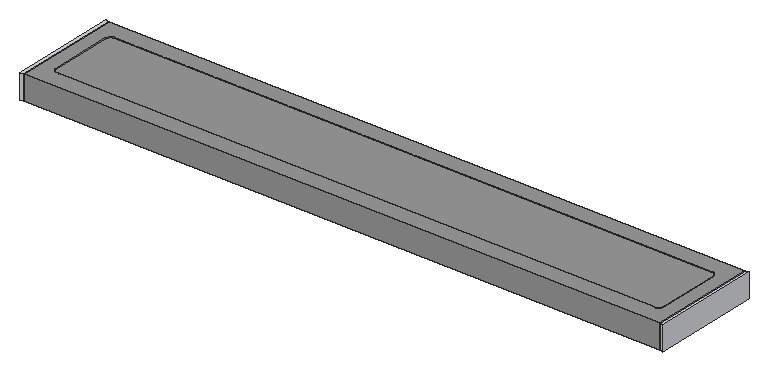
Revit family "0044073 Sylvania Lighting Fixture OPTIX S 1200 MPO DI HO 4000K DA WHITE", category Lighting Fixtures, host Face, Revit 2016
Family settings
  Host = Face
  Part Type = Normal
  Round Connector Dimension = Use Diameter
  OmniClass Number = 23.80.70.00
  OmniClass Title = Lighting
  Cut with Voids When Loaded = No
  Light Source = Yes
  Shared = No
  Room Calculation Point = No
Parameters (values of type "0044073 OPTIX S 1200 MPO D/I HO 4K DA WHITE")
  spacer height = 5 mm
  spacer centres = 1000 mm
  lens width = 1135 mm
  full length = 1200 mm
  Width = 200 mm
  Weight = "n/a"
  Wattage Comments = ""
  Wattage = 9.2903 W
  WarrantyStartDate [instance] = "n/a"
  WarrantyGuarantorParts = "n/a"
  WarrantyDurationUnit = "n/a"
  WarrantyDurationParts = ""
  WarrantyDescription = "http://www.sylvania-lighting.com"
  built-in parameter 1150110 = 1 (stored number, unit not read)
  Voltage = 0 V
  URL = "0.98"
  TypeName = "OPTIX S 1200 MPO D/I HO 4000K DA WHITE"
  Type Image = <None>
  Type Comments = "n/a"
  built-in parameter 1114217 = 1 (stored number, unit not read)
  Tilt Angle = 90.00°
  built-in parameter 1150109 = 1 (stored number, unit not read)
  built-in parameter 1150134 = 3
  built-in parameter 1150113 = 1 (stored number, unit not read)
  SerialNumber [instance] = "n/a"
  Photometric Web File = "0044073.ies"
  Material_3_FEILO = none
  PowerFactor = 0
  PowerConsumption = "Lighting"
  NominalLength = 200 mm
  NominalHeight = 0 mm
  NominalDepth = 0 mm
  Name = "OPTIX S 1200 MPO D/I HO 4000K DA WHITE"
  ModelReference = Name  # "OPTIX S 1200 MPO D/I HO 4000K DA WHITE"
  ModelNumber = "0044073"
  Model = Name  # "OPTIX S 1200 MPO D/I HO 4000K DA WHITE"
  Material = "Feilo Sylvania"
  ManufacturerName = "128 lm/W"
  Manufacturer = ""
  LuminousEfficacy = ""
  built-in parameter 1150105 = 109.82 (stored number, unit not read)
  Lumens = 1380 lm
  LuminaireType = "0"
  built-in parameter 1150115 = 1 (stored number, unit not read)
  LightOutputRatio = "LED"
  built-in parameter 1150137 = (empty or 0)
  built-in parameter 1150139 = (empty or 0)
  Lens Width = 135 mm
  Length = 1188 mm
  LampsType = Lamp  # "n/a"
  LampNominalLuminous = "4000 K"
  LampMacAdamStep = "80"
  LampColourTemperature = "LED"
  LampColourRenderingIndex = "16500"
  built-in parameter 1150112 = 1 (stored number, unit not read)
  built-in parameter 1150114 = 1 (stored number, unit not read)
  Lamp = "n/a"
  Keynote = "n/a"
  InstallationDate [instance] = "n/a"
  InputVoltage = "0"
  InputNominalFrequency = "4000"
  built-in parameter 1150132 = (empty or 0)
  built-in parameter 1150102 = (empty or 0)
  built-in parameter 1150107 = 3200 (stored number, unit not read)
  built-in parameter 1150138 = (empty or 0)
  IngressProtection = "IfcLightFixtureType"
  ImpactProtectionIndex = "IfcLightFixtureType"
  built-in parameter 1150106 = 1.0982 (stored number, unit not read)
  IfcExportType = "IfcLightFixtureType"
  IfcExportAs = "Class I"
  Height = 50 mm
  ExpectedLife = 50000
  Emit from Circle Diameter = 609.6 mm
  Emit Shape Visible in Rendering = no
  ElectricShockClassification = "128"
  built-in parameter 1150104 = 13.8 (stored number, unit not read)
  DurationUnit = "hours"
  DocumentationLiterature = "http://www.sylvania-lighting.com/product/en-int/products/0044073"
  DimmingControlOptions = "n/a"
  Material_2_FEILO = none
  Dimming Lamp Color Temperature Shift = <None>
  Description = "OPTIX S 1200 MPO D/I HO 4K DA WHITE is a high efficacy low glare surface or suspended LED Linear luminaire with Micro Prismatic Optic, with direct/indirect light distribution, luminaire dimensions: 1200x200x50mm, Sylvania White body colour (RAL9016), IP20, IK07, DALI Dimmable, low LED flicker (+/-5%), Neutral White (4000K) LED Colour Temperature, 5770lm luminous flux, 45W power consumption, 128lm/W system efficacy, CRI>80, SDCM 3 (3-step MacAdam ellipse) LED Colour Consistency, UGR<18, Luminance at 65° < 3000 cd/m2, lumen maintenance: L90B50 at 60000h, photobiological safety risk group 1. Electrical protection Class I."
  Default Elevation = 1219.2 mm
  CreatedOn = "20/10/2020"
  CreatedBy = "@sylvania-lighting.com"
  Cost = 0
  Color Filter = 16777215
  built-in parameter 1114216 [instance] = (empty or 0)
  ClassificationValue = "EF_70_80"
  ClassificationName = "Uniclass2015"
  Material_1_FEILO = none
  BarCode [instance] = "n/a"
  built-in parameter 1114218 = 1 (stored number, unit not read)
  built-in parameter 1150133 = 10 (stored number, unit not read)
  AssetType = "Fixed"
  AssetIdentifier [instance] = "n/a"
  Assembly Code = "D5020200"
  Apparent Load = 45 VA
  Material_4_FEILO = none
Reference planes
  plane 1 "Center (Front/Back)": y = 0
  plane 2: z = 0
  plane 3 "Center (Left/Right)": x = 0
  plane 4: z = 0
  plane 5: z = 50
  plane 6: y = 100
  plane 7: y = -100
  plane 8: x = -594
  plane 9: x = 594
  plane 10: z = 5
  plane 11: x = -500
  plane 12: x = 500
  plane 13: y = 10
  plane 14: y = -10
  plane 15: x = 487.5
  plane 16: x = 512.5
  plane 17: x = -512.5
  plane 18: x = -487.5
  plane 19: x = -567.5
  plane 20: x = 567.5
  plane 21: y = 67.5
  plane 22: y = -67.5
  plane 23: x = -557.5
  plane 24: y = 57.5
  plane 25: y = -57.5
  plane 26: x = 557.5
  plane 27: x = -600
  plane 28: x = 600
Forms (mm)
  Extrusion 1, solid, material "Aluminum 1100-H18", detail levels medium+fine
    sketch origin (4.2, 0, 0) x (1, 0, 0) y (0, 1, 0)
      loop
        line (-598.2, 100) -> (-598.2, -100) -> (589.8, -100) -> (589.8, 100) -> (-598.2, 100)
    from 5 to 50
  Extrusion 2, solid
    sketch origin (4.2, 0, 0) x (1, 0, 0) y (0, 1, 0)
      loop
        line (483.3, 10) -> (483.3, -10) -> (508.3, -10) -> (508.3, 10) -> (483.3, 10)
    from 0 to 5
  Extrusion 3, solid
    sketch origin (4.2, 0, 0) x (1, 0, 0) y (0, 1, 0)
      loop
        line (-516.7, 10) -> (-516.7, -10) -> (-491.7, -10) -> (-491.7, 10) -> (-516.7, 10)
    from 0 to 5
  Extrusion 4, void, detail levels fine
    sketch origin (4.2, 0, 0) x (0, 1, 0) y (1, 0, 0)
      loop
        line (67.5, -561.7) -> (67.5, 553.3)
        arc (67.5, 553.3) -> (64.571, 560.371) -> (57.5, 563.3) r 10
        line (57.5, 563.3) -> (-57.5, 563.3)
        arc (-57.5, 563.3) -> (-64.571, 560.371) -> (-67.5, 553.3) r 10
        line (-67.5, 553.3) -> (-67.5, -561.7)
        arc (-67.5, -561.7) -> (-64.571, -568.771) -> (-57.5, -571.7) r 10
        line (-57.5, -571.7) -> (57.5, -571.7)
        arc (57.5, -571.7) -> (64.571, -568.771) -> (67.5, -561.7) r 10
    from -50 to -48
  Extrusion 5, solid, detail levels medium+fine
    sketch origin (4.2, 0, 0) x (1, 0, 0) y (0, 1, 0)
      loop
        line (-604.2, 100) -> (-604.2, -100) -> (-598.2, -100) -> (-598.2, 100) -> (-604.2, 100)
    from 5 to 50
  Extrusion 6, solid, detail levels medium+fine
    sketch origin (4.2, 0, 0) x (1, 0, 0) y (0, 1, 0)
      loop
        line (589.8, 100) -> (589.8, -100) -> (595.8, -100) -> (595.8, 100) -> (589.8, 100)
    from 5 to 50
  Extrusion 7, solid, material "Glass, White, High Luminance", detail levels fine
    sketch origin (4.2, 0, 0) x (1, 0, 0) y (0, 1, 0)
      loop
        arc (-561.7, 67.5) -> (-568.771, 64.571) -> (-571.7, 57.5) r 10
        line (-571.7, 57.5) -> (-571.7, -57.5)
        arc (-571.7, -57.5) -> (-568.771, -64.571) -> (-561.7, -67.5) r 10
        line (-561.7, -67.5) -> (553.3, -67.5)
        arc (553.3, -67.5) -> (560.371, -64.571) -> (563.3, -57.5) r 10
        line (563.3, -57.5) -> (563.3, 57.5)
        arc (563.3, 57.5) -> (560.371, 64.571) -> (553.3, 67.5) r 10
        line (553.3, 67.5) -> (-561.7, 67.5)
    from 48 to 49.5
  Extrusion 8, solid, detail levels coarse
    sketch origin (4.2, 0, 0) x (1, 0, 0) y (0, 1, 0)
      loop
        line (-604.2, 100) -> (-604.2, -100) -> (595.8, -100) -> (595.8, 100) -> (-604.2, 100)
    from 0 to 50
Cuts and joins
  Extrusion 4 cuts Extrusion 2
  Extrusion 4 cuts Extrusion 3
  Extrusion 4 cuts Extrusion 1
Dimensions and locks
  "Width": plane 6 to plane 7
  equal spacing: plane 6, plane 1 "Center (Front/Back)", plane 7
  "Length": plane 8 to plane 9
  equal spacing: plane 8, plane 3 "Center (Left/Right)", plane 9
  "spacer height": plane 10 to host face
  "Height": plane 5 to level
  "spacer centres": plane 11 to plane 12
  equal spacing: plane 11, plane 3 "Center (Left/Right)", plane 12
  "lens width": plane 19 to plane 20
  equal spacing: plane 19, plane 3 "Center (Left/Right)", plane 20
  "Lens Width": plane 21 to plane 22
  equal spacing: plane 21, plane 1 "Center (Front/Back)", plane 22
  "full length": plane 27 to plane 28
  equal spacing: plane 27, plane 3 "Center (Left/Right)", plane 28
  aligned and locked: plane 2 to host face
  aligned and locked: level to host face
Automatic sketch dimensions
  host sketch curve to host sketch curve = 2438.4 mm  (x2)
  Extrusion 1 sketch curve to plane 7 = 0 mm
  Extrusion 1 sketch curve to plane 8 = 0 mm
  Extrusion 1 sketch curve to plane 9 = 0 mm
  Extrusion 1 sketch curve to plane 6 = 0 mm
  Extrusion 2 sketch curve to plane 14 = 0 mm
  Extrusion 2 sketch curve to plane 15 = 0 mm
  Extrusion 2 sketch curve to plane 16 = 0 mm
  Extrusion 2 sketch curve to plane 13 = 0 mm
  Extrusion 3 sketch curve to plane 14 = 0 mm
  Extrusion 3 sketch curve to plane 17 = 0 mm
  Extrusion 3 sketch curve to plane 18 = 0 mm
  Extrusion 3 sketch curve to plane 13 = 0 mm
  Extrusion 4 sketch curve to plane 22 = 0 mm
  Extrusion 4 sketch curve to plane 19 = 0 mm
  Extrusion 4 sketch curve to plane 25 = 0 mm  (x2)
  Extrusion 4 sketch curve to plane 20 = 0 mm
  Extrusion 4 sketch curve to plane 24 = 0 mm  (x2)
  Extrusion 4 sketch curve to plane 23 = 0 mm
  Extrusion 5 sketch curve to plane 7 = 0 mm
  Extrusion 5 sketch curve to plane 27 = 0 mm
  Extrusion 5 sketch curve to plane 8 = 0 mm
  Extrusion 5 sketch curve to plane 6 = 0 mm
  Extrusion 6 sketch curve to plane 7 = 0 mm
  Extrusion 6 sketch curve to plane 9 = 0 mm
  Extrusion 6 sketch curve to plane 28 = 0 mm
  Extrusion 6 sketch curve to plane 6 = 0 mm
  Extrusion 7 sketch curve to plane 23 = 0 mm  (x2)
  Extrusion 7 sketch curve to plane 21 = 0 mm
  Extrusion 7 sketch curve to plane 22 = 0 mm
  Extrusion 7 sketch curve to plane 26 = 0 mm  (x2)
  Extrusion 7 sketch curve to plane 20 = 0 mm
  Extrusion 7 sketch curve to plane 24 = 0 mm
  Extrusion 8 sketch curve to plane 7 = 0 mm
  Extrusion 8 sketch curve to plane 27 = 0 mm
  Extrusion 8 sketch curve to plane 28 = 0 mm
  Extrusion 8 sketch curve to plane 6 = 0 mm
Connectors
  electrical at (0, 0, 0), driven by "Apparent Load", driven by "PowerFactor", driven by "Voltage"
    settings: index 1, voltage 0 V, apparent load 45 VA, apparent load phase1 0 VA, apparent load phase2 0 VA, apparent load phase3 0 VA, power factor 0, load classification "Lighting", number of poles 1, system type 30, power factor state 1, is connector primary yes, connector utility no, sub classification motor no, connector description ""
